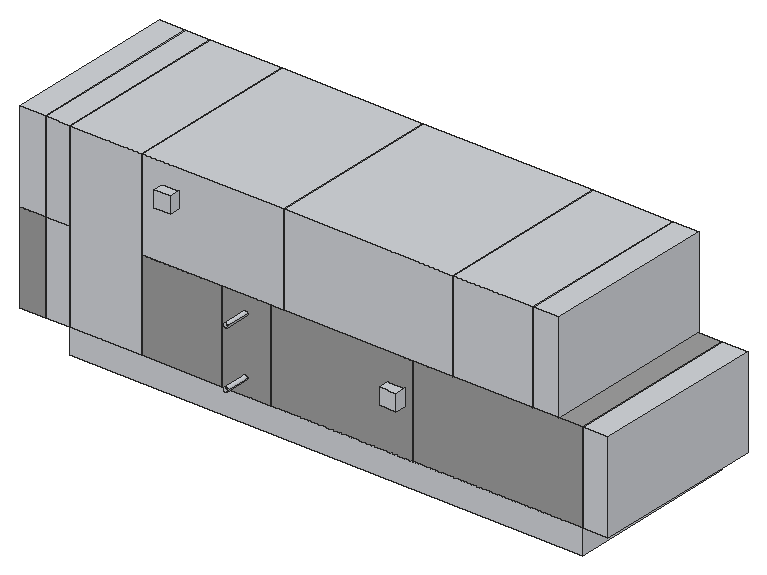
Revit family "Приточно-вытяжная система с рециркуляцией с водяным нагревом", category Оборудование, Revit 2021
Family settings
  Размер круглого соединителя = Использовать диаметр
  Классификация = Нет
  Тип детали = Нормальный
  На основе рабочей плоскости = Нет
  Всегда вертикально = Да
  При загрузке вырезать с полостями = Нет
  Общий = Нет
  Точка принадлежности помещению = Нет
Parameters (values of type "1А")
  Ширина ГВ = ADSK_Размер_Ширина  # 850 mm
  Сторона обслуживания [instance] = "Справа"
  Слив конденсата [instance] = 0 mm
  Подключение нагревателя G [instance] = 20 mm
  Подключение испарителя K [instance] = 0 mm
  Подключение испарителя E [instance] = 0 mm
  Отметка по умолчанию = 0 mm
  Мощность двигателя приточка [instance] = 0.55 kW
  Мощность двигателя вытяжка [instance] = 0.55 kW
  Длина секции смешения RR [instance] = 349 mm
  Длина секции испарителя CF [instance] = 0 mm
  Длина гибкой встаки = 125 mm
  Длина секции шумоглушения SL [instance] = 825 mm
  Длина секции нагревателя HW [instance] = 240 mm
  Длина клапана FC = 120 mm
  Длина секции вентилятора FA [instance] = 690 mm
  Длина секции фильтра F [instance] = 390 mm
  Высота рамы = 120 mm
  Высота ГВ = ADSK_Размер_Высота  # 440 mm
  ADSK_Частота вращения двигателя [instance] = 2835
  ADSK_Тип воздушного фильтра [instance] = "G3"
  ADSK_Свободный напор воздуха = 400.0 Pa
  ADSK_Расход теплоносителя [instance] = 0.47 m³/h
  ADSK_Расход воздуха приточный [instance] = 1200.0 m³/h
  ADSK_Расход воздуха вытяжной [instance] = 1200.0 m³/h
  ADSK_Размер_Ширина = 850 mm
  ADSK_Размер_Высота = 440 mm
  ADSK_Обозначение [instance] = "ПВ2.1"
  ADSK_Напряжение = 380 V
  ADSK_Наименование краткое [instance] = "1А"
  ADSK_Масса [instance] = 367
Types (16, lengths in mm): name | Ширина ГВ | Подключение нагревателя G | Мощность двигателя приточка | Мощность двигателя вытяжка | Длина секции смешения RR | Длина секции шумоглушения SL | Длина секции нагревателя HW | Длина секции вентилятора FA | Высота ГВ | ADSK_Частота вращения двигателя | ADSK_Расход теплоносителя | ADSK_Расход воздуха приточный | ADSK_Расход воздуха вытяжной | ADSK_Размер_Ширина | ADSK_Размер_Высота | ADSK_Обозначение | ADSK_Наименование краткое | ADSK_Масса
  1А | 850 | 20 | 0.55 kW | 0.55 kW | 349 | 825 | 240 | 690 | 440 | 2835 | 0.47 m³/h | 1200.0 m³/h | 1200.0 m³/h | 850 | 440 | "ПВ2.1" | "1А" | 367
  2А | 980 | 20 | 0.75 kW | 0.75 kW | 349 | 825 | 240 | 690 | 505 | 2805 | 2500.0 m³/h | 2500.0 m³/h | 0.98 m³/h | 980 | 505 | "ПВ2.2" | "2A" | 425
  16B | 2580 | 65 | 15.0 kW | 15.0 kW | 1346 | 862 | 336 | 1990 | 2580 | 1460 | 12.94 m³/h | 33000.0 m³/h | 33000.0 m³/h | 2580 | 2580 | "ПВ2.16" | "16B" | 2734
  3A | 1080 | 20 | 1.1 kW | 1.1 kW | 383 | 825 | 240 | 740 | 695 | 2830 | 1.37 m³/h | 3500.0 m³/h | 3500.0 m³/h | 1080 | 695 | "ПВ2.3" | "3А" | 510
  4A | 1360 | 20 | 2.2 kW | 1.5 kW | 383 | 825 | 240 | 820 | 695 | 2880 | 1.76 m³/h | 4500.0 m³/h | 4500.0 m³/h | 1360 | 695 | "ПВ2.4" | "4A" | 599
  5A | 1360 | 25 | 2.2 kW | 2.2 kW | 437 | 825 | 240 | 820 | 803 | 2880 | 2.16 m³/h | 5500.0 m³/h | 5500.0 m³/h | 1360 | 803 | "ПВ2.5" | "5A" | 643
  6A | 1580 | 32 | 3.0 kW | 3.0 kW | 437 | 825 | 240 | 850 | 803 | 2905 | 2.55 m³/h | 6500.0 m³/h | 6500.0 m³/h | 1580 | 803 | "ПВ2.6" | "6A" | 723
  7A | 1580 | 25 | 4.0 kW | 4.0 kW | 531 | 825 | 240 | 900 | 990 | 2945 | 2.94 m³/h | 7500.0 m³/h | 7500.0 m³/h | 1580 | 990 | "ПВ2.7" | "7A" | 821
  8A | 1950 | 32 | 4.0 kW | 4.0 kW | 531 | 825 | 240 | 1250 | 990 | 2945 | 3.53 m³/h | 9000.0 m³/h | 9000.0 m³/h | 1950 | 990 | "ПВ2.8" | "8A" | 989
  9A | 2160 | 32 | 3.0 kW | 3.0 kW | 583 | 825 | 240 | 1380 | 1095 | 1455 | 4.31 m³/h | 11000.0 m³/h | 11000.0 m³/h | 2160 | 1095 | "ПВ2.9" | "9A" | 1154
  10B | 2040 | 40 | 4.0 kW | 4.0 kW | 736 | 862 | 281 | 1460 | 1360 | 1460 | 5.1 m³/h | 13000.0 m³/h | 13000.0 m³/h | 2040 | 1360 | "ПВ2.10" | "10B" | 1399
  12B | 2040 | 50 | 7.5 kW | 7.5 kW | 896 | 862 | 305 | 1635 | 1680 | 1465 | 7.45 m³/h | 19000.0 m³/h | 19000.0 m³/h | 2040 | 1680 | "ПВ2.12" | "12B" | 1676
  11B | 2580 | 65 | 5.5 kW | 5.5 kW | 736 | 862 | 281 | 1635 | 1360 | 1465 | 6.67 m³/h | 17000.0 m³/h | 17000.0 m³/h | 2580 | 1360 | "ПВ2.11" | "11B" | 1695
  13B | 2040 | 50 | 11.0 kW | 11.0 kW | 1076 | 862 | 305 | 1675 | 2040 | 1470 | 8.23 m³/h | 21000.0 m³/h | 21000.0 m³/h | 2040 | 2040 | "ПВ2.13" | "13B" | 1938
  14B | 2580 | 50 | 11.0 kW | 11.0 kW | 896 | 862 | 305 | 1945 | 1680 | 1470 | 9.41 m³/h | 24000.0 m³/h | 24000.0 m³/h | 2580 | 1680 | "ПВ2.14" | "14B" | 2078
  15B | 2580 | 50 | 15.0 kW | 11.0 kW | 1076 | 862 | 305 | 1945 | 2040 | 1460 | 10.59 m³/h | 27000.0 m³/h | 27000.0 m³/h | 2580 | 2040 | "ПВ2.15" | "15B" | 2308
Reference planes
  plane 1 "По центру (Вперед/Назад)": y = 0
  plane 2: z = -120
  plane 3 "По центру (Влево/Вправо)": x = 0
  plane 4 "Ширина": y = -850
  plane 5: x = 317
  plane 6 "Высота": z = 320
  plane 7: x = 557
  plane 8: x = 1247
  plane 9: x = 2072
  plane 10: x = -542
  plane 11: x = -667
  plane 12: x = 2072
  plane 13: z = -120
  plane 14: z = -120
  plane 15: x = 2197
  plane 16: x = -542
  plane 17 "клапан": x = -422
  plane 18 "Рама": z = -240
  plane 19: z = 760
  plane 20: x = 617
  plane 21: x = 1442
  plane 22: x = 1832
  plane 23: x = -73
  plane 24: x = 1957
Forms (mm)
  Extrusion 1, solid, material "По умолчанию"
    sketch origin (0, 0, 0) x (1, 0, 0) y (0, 0, 1)
      loop
        line (-73, -120) -> (317, -120) -> (317, 320) -> (-73, 320) -> (-73, -120)
    from 0 <- "Отметка по умолчанию" to 850 <- "ADSK_Размер_Ширина"
  Extrusion 2, solid, material "По умолчанию"
    sketch origin (790, 0, 0) x (1, 0, 0) y (0, 0, 1)
      loop
        line (-473, -120) -> (-233, -120) -> (-233, 320) -> (-473, 320) -> (-473, -120)
    from 0 to 850 <- "ADSK_Размер_Ширина"
  Extrusion 3, solid, material "По умолчанию"
    sketch origin (1310, 0, 0) x (1, 0, 0) y (0, 0, 1)
      loop
        line (-753, -120) -> (-63, -120) -> (-63, 320) -> (-753, 320) -> (-753, -120)
    from 0 to 850 <- "ADSK_Размер_Ширина"
  Extrusion 4, solid, material "По умолчанию"
    sketch origin (1970, 0, 0) x (1, 0, 0) y (0, 0, 1)
      loop
        line (-723, -120) -> (102, -120) -> (102, 320) -> (-723, 320) -> (-723, -120)
    from 0 to 850 <- "ADSK_Размер_Ширина"
  Extrusion 5, solid, material "По умолчанию"
    sketch origin (-570, 0, 0) x (1, 0, 0) y (0, 0, 1)
      loop
        line (28, 320) -> (-97, 320) -> (-97, -120) -> (28, -120) -> (28, 320)
    from 0 to 850 <- "Ширина ГВ"
  Extrusion 6, solid
    sketch origin (1010, -850, 0) x (1, 0, 0) y (0, 0, 1)
      loop
        circle (-578, -40) r 10
      loop
        circle (-578, 240) r 10
    from 0 to 120
  Extrusion 7, solid
    sketch origin (1300, -850, 0) x (1, 0, 0) y (0, 0, 1)
      loop
        line (-174.831, 185) -> (-174.831, 105) -> (-94.831, 105) -> (-94.831, 185) -> (-174.831, 185)
    from 0 to 50
  Extrusion 8, solid
    sketch origin (400, 0, 0) x (1, 0, 0) y (0, 0, 1)
      loop
        line (1797, -120) -> (1797, 320) -> (1672, 320) -> (1672, -120) -> (1797, -120)
    from 0 to 850 <- "Ширина ГВ"
  Extrusion 9, solid
    sketch origin (0, -850, 0) x (-1, 0, 0) y (0, 0, 1)
      loop
        line (542, -120) -> (542, 320) -> (422, 320) -> (422, -120) -> (542, -120)
    from 0 to 850 <- "ADSK_Размер_Ширина"
  Extrusion 10, solid
    sketch origin (0, 0, 0) x (1, 0, 0) y (0, 0, 1)
      loop
        line (-422, -240) -> (2072, -240) -> (2072, -120) -> (-422, -120) -> (-422, -240)
    from 0 to 850 <- "ADSK_Размер_Ширина"
  Extrusion 11, solid
    sketch origin (0, 0, 0) x (1, 0, 0) y (0, 0, 1)
      loop
        line (-667, 760) -> (-667, 320) -> (-542, 320) -> (-542, 760) -> (-667, 760)
    from 0 to 850 <- "ADSK_Размер_Ширина"
  Extrusion 12, solid
    sketch origin (0, 0, 0) x (1, 0, 0) y (0, 0, 1)
      loop
        line (-542, 760) -> (-542, 320) -> (-422, 320) -> (-422, 760) -> (-542, 760)
    from 0 to 850 <- "ADSK_Размер_Ширина"
  Extrusion 13, solid
    sketch origin (400, 0, 0) x (1, 0, 0) y (0, 0, 1)
      loop
        line (-473, 760) -> (-473, 320) -> (217, 320) -> (217, 760) -> (-473, 760)
    from 0 to 850 <- "ADSK_Размер_Ширина"
  Extrusion 14, solid
    sketch origin (0, 0, 0) x (1, 0, 0) y (0, 0, 1)
      loop
        line (-422, -120) -> (-73, -120) -> (-73, 760) -> (-422, 760) -> (-422, -120)
    from 0 to 850 <- "ADSK_Размер_Ширина"
  Extrusion 15, solid
    sketch origin (0, 0, 0) x (1, 0, 0) y (0, 0, 1)
      loop
        line (617, 760) -> (617, 320) -> (1442, 320) -> (1442, 760) -> (617, 760)
    from 0 to 850 <- "ADSK_Размер_Ширина"
  Extrusion 16, solid
    sketch origin (0, 0, 0) x (1, 0, 0) y (0, 0, 1)
      loop
        line (1442, 760) -> (1442, 320) -> (1832, 320) -> (1832, 760) -> (1442, 760)
    from 0 to 850 <- "ADSK_Размер_Ширина"
  Extrusion 17, solid
    sketch origin (0, 0, 0) x (1, 0, 0) y (0, 0, 1)
      loop
        line (1832, 760) -> (1832, 320) -> (1957, 320) -> (1957, 760) -> (1832, 760)
    from 0 to 850 <- "ADSK_Размер_Ширина"
  Extrusion 18, solid
    sketch origin (588.065, -850, 517.251) x (1, 0, 0) y (0, 0, 1)
      loop
        line (-561.065, 142.749) -> (-561.065, 62.749) -> (-481.065, 62.749) -> (-481.065, 142.749) -> (-561.065, 142.749)
    from 0 to 50
Dimensions and locks
  Extrusion 1 sketch curve to Extrusion 1 sketch curve = 440 mm
  "ADSK_Размер_Высота": level to plane 6 "Высота"
  "Длина секции нагревателя HW": plane 7 to plane 5
  "Длина секции вентилятора FA": plane 8 to plane 7
  "Длина секции шумоглушения SL": plane 9 to plane 8
  Extrusion 2 sketch curve to Extrusion 2 sketch curve = 440 mm
  Extrusion 3 sketch curve to Extrusion 3 sketch curve = 440 mm
  Extrusion 4 sketch curve to Extrusion 4 sketch curve = 440 mm
  "ADSK_Размер_Ширина": plane 1 "По центру (Вперед/Назад)" to plane 4 "Ширина"
  "Длина гибкой встаки": plane 10 to plane 11
  locked: plane 6 "Высота" to Extrusion 6 sketch curve at 80
  locked: Extrusion 6 sketch curve to level at 80
  equal spacing: plane 7, Extrusion 6 sketch curve, plane 5  (x2)
  locked: Extrusion 7 sketch curve to Extrusion 7 sketch curve at 80  (x2)
  locked: plane 6 "Высота" to Extrusion 7 sketch curve at 135
  plane 8 to Extrusion 7 sketch curve = 41.831 mm
  locked: plane 4 "Ширина" to Extrusion 7 at 50
  "Высота ГВ": Extrusion 5 sketch curve to Extrusion 5 sketch curve
  "Длина гибкой встаки": plane 15 to plane 12
  "Высота ГВ": Extrusion 8 sketch curve to Extrusion 8 sketch curve
  Extrusion 8 sketch curve to level = 0 mm
  level to Extrusion 1 = 440 mm
  "Длина клапана FC": plane 17 "клапан" to plane 16
  "Длина секции фильтра F": plane 5 to plane 23
  Extrusion 5 to Extrusion 9 to Extrusion 9 to Extrusion 14 to Extrusion 2 to Extrusion 3 to Extrusion 4 to Extrusion 8 to Extrusion 8 = 125 mm, 120 mm, 349 mm, 390 mm, 240 mm, 690 mm, 825 mm, 125 mm
  "ADSK_Размер_Высота": plane 19 to plane 6 "Высота"
  "Длина секции смешения RR": plane 23 to plane 17 "клапан"
  "Длина секции вентилятора FA": plane 20 to plane 23
  "Длина секции шумоглушения SL": plane 21 to plane 20
  "Длина секции фильтра F": plane 22 to plane 21
  "Длина гибкой встаки": plane 24 to plane 22
  Extrusion 11 to Extrusion 12 = 125 mm
  Extrusion 12 to Extrusion 14 = 120 mm
  Extrusion 14 to Extrusion 14 = 349 mm
  Extrusion 14 to Extrusion 15 = 690 mm
  Extrusion 15 to Extrusion 16 = 825 mm
  Extrusion 16 to Extrusion 17 = 390 mm
  Extrusion 17 to Extrusion 17 = 125 mm
  locked: Extrusion 18 sketch curve to Extrusion 18 sketch curve at 80  (x2)
  plane 19 to Extrusion 18 sketch curve = 100 mm
  Extrusion 18 sketch curve to plane 23 = 100 mm
  "Подключение нагревателя G": diameter of Extrusion 6 sketch curve  (x2)
  aligned and locked: level to plane 2
  aligned and locked: plane 5 to Extrusion 1
  aligned and locked: plane 6 "Высота" to Extrusion 1
  aligned and locked: Extrusion 1 to level
  aligned and locked: Extrusion 1 to plane 4 "Ширина"
  aligned and locked: plane 7 to Extrusion 2
  aligned and locked: plane 8 to Extrusion 3
  aligned and locked: plane 9 to Extrusion 4
  aligned and locked: Extrusion 2 to Extrusion 1  (x2)
  aligned and locked: Extrusion 3 to plane 7
  aligned and locked: Extrusion 4 to plane 8
  aligned and locked: Extrusion 4 to Extrusion 1
  aligned and locked: Extrusion 3 to Extrusion 1
  aligned and locked: Extrusion 1 to Extrusion 2
  aligned and locked: Extrusion 1 to Extrusion 3
  aligned and locked: Extrusion 1 to Extrusion 4
  aligned and locked: Extrusion 2 to level
  aligned and locked: Extrusion 3 to level
  aligned and locked: Extrusion 4 to level
  aligned and locked: plane 4 "Ширина" to Extrusion 7
  aligned and locked: plane 10 to Extrusion 5 sketch curve
  aligned and locked: Extrusion 5 sketch curve to plane 11
  aligned and locked: Extrusion 8 sketch curve to plane 15
  aligned and locked: plane 12 to Extrusion 8 sketch curve
  aligned and locked: level to Extrusion 5 sketch curve
  aligned and locked: plane 9 to plane 12
  aligned and locked: Extrusion 5 to Extrusion 9 sketch curve
  aligned and locked: Extrusion 9 sketch curve to Extrusion 5
  aligned and locked: Extrusion 1 to Extrusion 9 sketch curve
  aligned and locked: Extrusion 10 sketch curve to plane 18 "Рама"
  aligned and locked: Extrusion 10 sketch curve to level
  aligned and locked: Extrusion 10 sketch curve to plane 17 "клапан"
  aligned and locked: plane 9 to Extrusion 10 sketch curve
  aligned and locked: Extrusion 11 sketch curve to plane 19
  aligned and locked: plane 11 to Extrusion 11 sketch curve
  aligned and locked: Extrusion 11 sketch curve to plane 16
  aligned and locked: plane 6 "Высота" to Extrusion 11 sketch curve
  aligned and locked: Extrusion 12 sketch curve to plane 19
  aligned and locked: Extrusion 12 sketch curve to plane 17 "клапан"
  aligned and locked: plane 6 "Высота" to Extrusion 12 sketch curve
  aligned and locked: plane 16 to Extrusion 12 sketch curve
  aligned and locked: Extrusion 13 sketch curve to plane 19
  aligned and locked: plane 6 "Высота" to Extrusion 13 sketch curve
  aligned and locked: Extrusion 13 sketch curve to plane 20
  aligned and locked: plane 23 to Extrusion 13 sketch curve
  aligned and locked: plane 19 to Extrusion 14 sketch curve
  aligned and locked: Extrusion 14 sketch curve to level
  aligned and locked: Extrusion 14 sketch curve to plane 17 "клапан"
  aligned and locked: plane 23 to Extrusion 14 sketch curve
  aligned and locked: plane 16 to plane 10
  aligned and locked: Extrusion 1 sketch curve to plane 23
  aligned and locked: plane 17 "клапан" to Extrusion 9 sketch curve
  aligned and locked: plane 6 "Высота" to Extrusion 15 sketch curve
  aligned and locked: Extrusion 15 sketch curve to plane 21
  aligned and locked: Extrusion 15 sketch curve to plane 19
  aligned and locked: plane 20 to Extrusion 15 sketch curve
  aligned and locked: Extrusion 16 sketch curve to plane 22
  aligned and locked: Extrusion 16 sketch curve to plane 19
  aligned and locked: plane 6 "Высота" to Extrusion 16 sketch curve
  aligned and locked: plane 21 to Extrusion 16 sketch curve
  aligned and locked: Extrusion 17 sketch curve to plane 24
  aligned and locked: Extrusion 17 sketch curve to plane 19
  aligned and locked: plane 6 "Высота" to Extrusion 17 sketch curve
  aligned and locked: plane 22 to Extrusion 17 sketch curve
  aligned and locked: Extrusion 18 to Extrusion 1
  aligned and locked: Extrusion 18 to Extrusion 7
Automatic sketch dimensions
  Extrusion 1 sketch curve to plane 5 = 0 mm
  Extrusion 1 sketch curve to level = 0 mm
  Extrusion 2 sketch curve to plane 5 = 0 mm
  Extrusion 2 sketch curve to plane 6 "Высота" = 0 mm
  Extrusion 2 sketch curve to plane 7 = 0 mm
  Extrusion 3 sketch curve to plane 6 "Высота" = 0 mm
  Extrusion 3 sketch curve to plane 7 = 0 mm
  Extrusion 3 sketch curve to plane 8 = 0 mm
  Extrusion 4 sketch curve to plane 6 "Высота" = 0 mm
  Extrusion 4 sketch curve to plane 8 = 0 mm
  Extrusion 4 sketch curve to plane 9 = 0 mm
  Extrusion 6 sketch curve to Extrusion 2 = 115 mm  (x2)
Connectors
  electrical at (1165.169, -900, 145), driven by "Мощность двигателя приточка"
    settings: on Extrusion 7, index 3, voltage 380 V, apparent load 0.0 kW, apparent load phase1 0.55 kW, apparent load phase2 0.0 kW, apparent load phase3 0.0 kW, power factor 1, load classification "Прочее", number of poles 1, system type 31, power factor state 1, is connector primary yes, connector utility yes, sub classification motor yes, connector description ""
  hvac at (-667, -425, 100), driven by "Высота ГВ", driven by "Ширина ГВ", driven by "ADSK_Расход воздуха приточный"
    settings: on Extrusion 5, index 4, duct flow 1200.0 m³/h, flow factor 0, pres drop 0.0 Pa, loss coef 0, conn angle 0.00°, conn width 850 mm, conn height 440 mm, conn diameter 609.6 mm, duct sys type 1, conn prof type 1, flow config 0, flow direction 2, loss method 0, conn ref index -1, conn util yes, is conn primary yes, conn desc ""
  hvac at (2197, -425, 100), driven by "Высота ГВ", driven by "Ширина ГВ", driven by "ADSK_Расход воздуха приточный"
    settings: on Extrusion 8, index 5, duct flow 1200.0 m³/h, flow factor 0, pres drop 0.0 Pa, loss coef 0, conn angle 0.00°, conn width 850 mm, conn height 440 mm, conn diameter 609.6 mm, duct sys type 1, conn prof type 1, flow config 0, flow direction 1, loss method 0, conn ref index -1, conn util yes, is conn primary no, conn desc ""
  piping at (432, -970, 240), diameter 20, driven by "Подключение нагревателя G", driven by "ADSK_Расход теплоносителя"
    settings: on Extrusion 6, index 6, connector inside diameter 609.6 mm, connector length 0 mm, flow factor 0, pipe flow 0.47 m³/h, pressure drop 0.0 Pa, fitting loss kfactor 0, connector angle 0.00°, fixture units 0, engagement length 0 mm, angle of deflection 0.00°, flow configuration 0, flow direction 0, fitting loss method 0, system type 19, joint type 0, gender type 0, connector reference index -1, connector utility 0, adjustable connector no, is connector primary yes, connector description ""
  piping at (432, -970, -40), diameter 20, driven by "Подключение нагревателя G", driven by "ADSK_Расход теплоносителя"
    settings: on Extrusion 6, index 7, connector inside diameter 609.6 mm, connector length 0 mm, flow factor 0, pipe flow 0.47 m³/h, pressure drop 0.0 Pa, fitting loss kfactor 0, connector angle 0.00°, fixture units 0, engagement length 0 mm, angle of deflection 0.00°, flow configuration 0, flow direction 0, fitting loss method 0, system type 19, joint type 0, gender type 0, connector reference index -1, connector utility 0, adjustable connector no, is connector primary no, connector description ""
  electrical at (67, -900, 620), driven by "Мощность двигателя вытяжка"
    settings: on Extrusion 18, index 8, voltage 380 V, apparent load 0.0 kW, apparent load phase1 0.55 kW, apparent load phase2 0.0 kW, apparent load phase3 0.0 kW, power factor 1, load classification "Прочее", number of poles 1, system type 31, power factor state 1, is connector primary no, connector utility yes, sub classification motor yes, connector description ""
  hvac at (-667, -425, 540), driven by "ADSK_Размер_Высота", driven by "ADSK_Размер_Ширина", driven by "ADSK_Расход воздуха вытяжной"
    settings: on Extrusion 11, index 9, duct flow 1200.0 m³/h, flow factor 0, pres drop 0.0 Pa, loss coef 0, conn angle 0.00°, conn width 850 mm, conn height 440 mm, conn diameter 609.6 mm, duct sys type 3, conn prof type 1, flow config 0, flow direction 0, loss method 0, conn ref index -1, conn util no, is conn primary no, conn desc ""
  hvac at (1957, -425, 540), driven by "ADSK_Размер_Высота", driven by "ADSK_Размер_Ширина", driven by "ADSK_Расход воздуха вытяжной"
    settings: on Extrusion 17, index 10, duct flow 1200.0 m³/h, flow factor 0, pres drop 0.0 Pa, loss coef 0, conn angle 0.00°, conn width 850 mm, conn height 440 mm, conn diameter 609.6 mm, duct sys type 3, conn prof type 1, flow config 0, flow direction 0, loss method 0, conn ref index -1, conn util no, is conn primary no, conn desc ""
